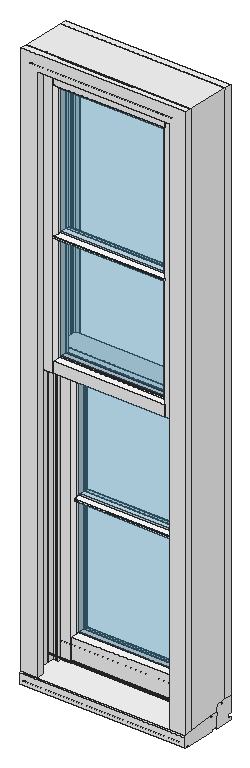
Revit family "S1-22H", category Generic Models, Revit 2012
Parameters (values of type "Window Sill drawing")
  Width = 511 mm
  Height = 1770 mm
  GlazingPanelMaterial = Glass
  Floor Material = White
Reference planes
  plane 1 "Center (Front/Back)": y = 0
  plane 2: z = 0
  plane 3 "Center (Left/Right)": x = 0
  plane 4: z = 33
  plane 5: x = -714
  plane 6: x = -750
  plane 7: x = -718
  plane 8: x = -239
  plane 9: y = 67
  plane 10: y = -67
  plane 11: x = -271
  plane 12: z = 1770
  plane 13: z = 1738
  plane 14: z = 578
  plane 15: y = -35.88
  plane 16: x = -705.5
  plane 17: x = -275
  plane 18: y = 35.12
  plane 19: x = -705.5
  plane 20: z = 622
  plane 21: z = 117
  plane 22: y = 72.25
  plane 23: x = -494.5
  plane 24: y = -35.88
  plane 25: x = -283.5
  plane 26: y = 35.12
  plane 27: x = -283.5
  plane 28: z = 900.5
  plane 29: z = 910.5
  plane 30: y = 46.992
  plane 31: y = 46.992
  plane 32: y = 46.992
  plane 33: z = 501.251
  plane 34: z = 1734
  plane 35: z = 1254.52
Forms (mm)
  Extrusion 1, solid, not visible
    sketch origin (0, 0, 9.375) x (0, 1, 0) y (0, 0, 1)
      loop
        line (94.662, 311.911) -> (94.314, 312.868) -> (95.314, 312.868) -> (93.454, 317.977) -> (86.115, 317.977) -> (85.011, 317.575) -> (64.143, 317.575) -> (64.143, 311.911) -> (94.662, 311.911)
    from 0 to 250
  Extrusion 2, solid, not visible
    sketch origin (0, 0, 9.375) x (0, 1, 0) y (0, 0, 1)
      loop
        line (93.688, 317.334) -> (85.92, 317.334) -> (87.101, 312.926) -> (95.293, 312.926) -> (93.688, 317.334)
      loop
        line (91.853, 322.376) -> (91.853, 328.194)
        arc (91.853, 328.194) -> (91.424, 329.231) -> (90.388, 329.66) r 1.465
        line (90.388, 329.66) -> (71.853, 329.66) -> (71.853, 322.376) -> (91.853, 322.376)
      loop
        line (73.373, 320.598) -> (64.143, 320.598) -> (64.143, 317.575) -> (73.373, 317.575) -> (73.373, 320.598)
      loop
        line (61.169, 311.884) -> (61.169, 316.884) -> (56.169, 316.884)
        arc (56.169, 316.884) -> (53.926, 317.813) -> (52.996, 320.057) r 3.173
        line (52.996, 320.057) -> (52.996, 327.594)
        arc (52.996, 327.594) -> (53.247, 329.284) -> (54.656, 330.25) r 2.138
        line (54.656, 330.25) -> (56.493, 330.25)
        arc (56.493, 330.25) -> (57.939, 329.727) -> (58.925, 328.548) r 2.95
        line (58.925, 328.548) -> (59.306, 324.922) -> (61.24, 324.922) -> (60.612, 330.901)
        arc (60.612, 330.901) -> (59.723, 332.646) -> (57.894, 333.348) r 2.733
        line (57.894, 333.348) -> (52.423, 333.348)
        arc (52.423, 333.348) -> (50.164, 330.795) -> (49.999, 327.391) r 5.139
        line (49.999, 327.391) -> (47.957, 316.884)
        arc (47.957, 316.884) -> (49.179, 314.507) -> (49.698, 311.884) r 9.583
        line (49.698, 311.884) -> (61.169, 311.884)
    from 0 to 250
  Extrusion 3, solid, not visible
    sketch origin (-848.022, -244.537, 0) x (1, 0, 0) y (0, 1, 0)
      loop
        line (-156.504, 643.402) -> (-146.504, 653.402) -> (-146.504, 655.402) -> (-162.504, 655.402) -> (-162.504, 703.402) -> (-199.504, 703.402)
        arc (-199.504, 703.402) -> (-201.625, 702.524) -> (-202.504, 700.402) r 3
        line (-202.504, 700.402) -> (-202.504, 695.402) -> (-196.504, 695.402) -> (-196.504, 692.402) -> (-202.504, 692.402) -> (-202.504, 679.402) -> (-196.504, 679.402) -> (-196.504, 667.402) -> (-202.504, 667.402) -> (-202.504, 646.402)
        arc (-202.504, 646.402) -> (-201.625, 644.281) -> (-199.504, 643.402) r 3
        line (-199.504, 643.402) -> (-156.504, 643.402)
    from 672 to 1294
  Extrusion 4, solid, not visible
    sketch origin (-848.022, -244.537, 0) x (1, 0, 0) y (0, 1, 0)
      loop
        line (-162.504, 700.402) -> (-162.504, 681.402) -> (-150.504, 681.402) -> (-150.504, 684.402) -> (-146.504, 685.402) -> (-146.504, 689.402) -> (-149.504, 689.402)
        arc (-149.504, 689.402) -> (-151.847, 695.059) -> (-157.504, 697.402) r 8
        line (-157.504, 697.402) -> (-157.504, 700.402) -> (-162.504, 700.402)
    from 672 to 1294
  Extrusion 5, solid, not visible
    sketch origin (-511.418, -643.152, -230) x (1, 0, 0) y (0, 1, 0)
      loop
        line (-200.504, 641.902) -> (-200.504, 638.902) -> (-198.254, 638.902) -> (-198.254, 634.902) -> (-195.818, 634.902) -> (-195.818, 638.902) -> (-193.504, 638.902) -> (-193.504, 641.902) -> (-195.282, 641.902) -> (-195.282, 641.116) -> (-194.482, 641.116) -> (-194.482, 639.814) -> (-199.81, 639.814) -> (-199.81, 641.116) -> (-199.01, 641.116) -> (-199.01, 641.902) -> (-200.504, 641.902)
    from 230 to 852
  Extrusion 6, solid, not visible
    sketch origin (-511.418, -643.152, -140) x (1, 0, 0) y (0, 1, 0)
      loop
        line (-194.482, 639.814) -> (-194.482, 641.116) -> (-199.81, 641.116) -> (-199.81, 639.814) -> (-194.482, 639.814)
    from 140 to 762
  Extrusion 7, solid, not visible
    sketch origin (-511.418, -643.152, 0) x (1, 0, 0) y (0, 1, 0)
      loop
        spline (-199.847, 645.779) -> (-199.478, 645.505) -> (-199.241, 645.183) -> (-199.108, 644.823) -> (-199.048, 644.431) -> (-199.033, 644.016) -> (-199.035, 643.585) -> (-199.023, 643.147) -> (-198.97, 642.709) -> (-198.847, 642.279) -> (-198.624, 641.865) -> (-198.272, 641.475) -> (-197.764, 641.116)
        line (-197.764, 641.116) -> (-196.529, 641.116)
        spline (-196.529, 641.116) -> (-195.991, 641.457) -> (-195.612, 641.839) -> (-195.363, 642.251) -> (-195.215, 642.684) -> (-195.139, 643.129) -> (-195.106, 643.577) -> (-195.086, 644.017) -> (-195.05, 644.441) -> (-194.969, 644.838) -> (-194.814, 645.2) -> (-194.556, 645.517) -> (-194.166, 645.779)
        line (-194.166, 645.779) -> (-199.847, 645.779)
    from 0 to 622
  Sweep 8, solid, material "White" <- "Floor Material"
    path origin (0, 0, 0) x (1, 0, 0) y (0, 0, 1)
      loop
        line (-725, 33) -> (-725, 1745) -> (-264, 1745) -> (-264, 33)
    profile origin (-494.5, 0, 1745) x (0, 0, 1) y (0, -1, 0)
      loop
        line (0, -4) -> (0, 4) -> (-17.634, 4) -> (-17.634, 2.635) -> (-15.193, 2.635) -> (-15.193, 1.135) -> (-22.193, 1.135) -> (-22.193, 2.635) -> (-19.789, 2.635) -> (-19.789, 4) -> (-21, 4)
        arc (-21, 4) -> (-25, 0) -> (-21, -4) r 4
        line (-21, -4) -> (0, -4)
  Sweep 9, solid, material "White" <- "Floor Material"
    path origin (0, 87, 0) x (1, 0, 0) y (0, 0, 1)
      loop
        line (-239, 68.003) -> (-239, 1770) -> (-750, 1770) -> (-750, 68.003)
    profile origin (-494.5, 87, 1770) x (0, 0, -1) y (0, -1, 0)
      loop
        line (0, 20) -> (0, 0) -> (32, 0) -> (32, 20) -> (23, 20) -> (23, 15) -> (15, 15) -> (15, 20) -> (0, 20)
  Sweep 10, solid, material "White" <- "Floor Material"
    path origin (0, -87, 0) x (1, 0, 0) y (0, 0, -1)
      loop
        line (-239, -33) -> (-239, -1770) -> (-750, -1770) -> (-750, -33)
    profile origin (-494.5, -87, 1770) x (0, 0, 1) y (0, 1, 0)
      loop
        line (0, 0) -> (0, 20) -> (-15, 20) -> (-15, 15) -> (-23, 15) -> (-23, 20) -> (-38, 20) -> (-38, 17) -> (-40.25, 17) -> (-40.25, 13) -> (-42.75, 13) -> (-42.75, 17) -> (-45, 17) -> (-45, 20) -> (-50, 20) -> (-50, 0) -> (0, 0)
  Sweep 11, solid, material "White" <- "Floor Material"
    path origin (0, 67, 0) x (-1, 0, 0) y (0, 0, -1)
      loop
        line (718, -1738) -> (718, -68) -> (271, -68) -> (271, -1738) -> (718, -1738)
    profile origin (-494.5, 67, 1738) x (0, 0, 1) y (0, -1, 0)
      loop
        line (0, -14) -> (0, 0) -> (-6.422, 0) -> (-6.422, -1.526) -> (-4.982, -1.526) -> (-4.982, -3.026) -> (-9.982, -3.026) -> (-9.982, -1.526) -> (-8.578, -1.526) -> (-8.578, 0) -> (-15, 0) -> (-15, -14)
        arc (-15, -14) -> (-9, -20) -> (-3, -14) r 6
        line (-3, -14) -> (0, -14)
  Extrusion 12, solid, material "White" <- "Floor Material"
    sketch origin (2366.619, -1603.085, 0) x (1, 0, 0) y (0, 1, 0)
      loop
        arc (-3077.619, 1597.085) -> (-3079.741, 1596.207) -> (-3080.619, 1594.085) r 3
        line (-3080.619, 1594.085) -> (-3080.619, 1589.085) -> (-3074.619, 1589.085) -> (-3074.619, 1586.085) -> (-3080.619, 1586.085) -> (-3080.619, 1577.085) -> (-3071.619, 1577.085)
        arc (-3071.619, 1577.085) -> (-3061.619, 1567.085) -> (-3071.619, 1557.085) r 10
        line (-3071.619, 1557.085) -> (-3080.619, 1557.085) -> (-3080.619, 1540.085)
        arc (-3080.619, 1540.085) -> (-3079.741, 1537.964) -> (-3077.619, 1537.085) r 3
        line (-3077.619, 1537.085) -> (-3034.619, 1537.085) -> (-3024.619, 1547.085) -> (-3024.619, 1549.085) -> (-3040.619, 1549.085) -> (-3040.619, 1597.085) -> (-3077.619, 1597.085)
    from 883.5 to 1738
  Extrusion 13, solid
    sketch origin (2366.119, -1602.966, 0) x (1, 0, 0) y (0, 1, 0)
      loop
        circle (-3071.619, 1567.085) r 5
      loop
        circle (-3071.619, 1567.085) r 8.5
    from 932.713 to 1224
  Extrusion 14, solid, material "White" <- "Floor Material"
    sketch origin (0, -3460.083, 302.372) x (0, 1, 0) y (0, 0, 1)
      loop
        line (3432.083, 609.128) -> (3406.083, 609.128) -> (3406.083, 625.128) -> (3404.083, 625.128) -> (3394.083, 615.128) -> (3394.083, 581.128) -> (3418.083, 581.128) -> (3418.083, 586.128) -> (3430.083, 586.128) -> (3430.083, 581.128) -> (3461.083, 581.128) -> (3461.083, 586.128) -> (3459.083, 596.128) -> (3454.083, 596.128) -> (3454.083, 606.128) -> (3448.083, 606.128) -> (3448.083, 609.128) -> (3454.083, 609.128) -> (3454.083, 625.128) -> (3436.083, 625.128) -> (3435.083, 621.128) -> (3432.083, 621.128) -> (3432.083, 609.128)
    from -668 to -321
  Sweep 15, solid, material "White" <- "Floor Material"
    path origin (0.117, -27.5, -0.107) x (1, 0, 0) y (0, 0, 1)
      loop
        line (-674, 910.607) -> (-674, 1695.791) -> (-315.217, 1695.791) -> (-315.217, 910.607)
    profile origin (-494.491, -27.5, 1695.684) x (0, 0, 1) y (0, -1, 0)
      loop
        line (-4.893, -19) -> (0.107, -19) -> (0.107, 0) -> (-11.893, 0) -> (-11.893, -3) -> (-15.893, -4) -> (-15.893, -8) -> (-12.893, -8)
        arc (-12.893, -8) -> (-10.55, -13.657) -> (-4.893, -16) r 8
        line (-4.893, -16) -> (-4.893, -19)
  Extrusion 16, solid, material "White" <- "Floor Material"
    sketch origin (0, -3459.584, -3.128) x (0, 1, 0) y (0, 0, 1)
      loop
        line (3466.25, 47.895) -> (3371.218, 36.226)
        arc (3371.218, 36.226) -> (3369.337, 35.236) -> (3368.583, 33.248) r 3
        line (3368.583, 33.248) -> (3368.583, 3.128) -> (3373.583, 3.128) -> (3373.583, 5.128)
        arc (3373.583, 5.128) -> (3376.583, 8.128) -> (3379.583, 5.128) r 3
        line (3379.583, 5.128) -> (3379.583, 3.128) -> (3472.583, 3.128) -> (3472.583, 8.128) -> (3492.583, 8.128) -> (3492.583, 36.128) -> (3497.583, 36.128) -> (3497.583, 51.128) -> (3492.583, 51.128) -> (3469.505, 48.362) -> (3472.539, 46.034)
        arc (3472.539, 46.034) -> (3472.97, 44.417) -> (3471.331, 44.081) r 1.15
        line (3471.331, 44.081) -> (3466.25, 47.895)
    from -750 to -239
  Extrusion 17, solid, material "White" <- "Floor Material"
    sketch origin (0, -3459.584, -3.128) x (0, 1, 0) y (0, 0, 1)
      loop
        line (3526.583, 71.128) -> (3509.696, 69.054)
        arc (3509.696, 69.054) -> (3509.999, 68.671) -> (3510.398, 68.387) r 1.737
        line (3510.398, 68.387) -> (3513.646, 65.849)
        arc (3513.646, 65.849) -> (3513.653, 64.316) -> (3512.131, 64.138) r 1.15
        line (3512.131, 64.138) -> (3506.202, 68.606) -> (3492.583, 66.933) -> (3492.583, 62.041)
        arc (3492.583, 62.041) -> (3495.583, 59.041) -> (3492.583, 56.041) r 3
        line (3492.583, 56.041) -> (3492.583, 51.128) -> (3497.583, 51.128) -> (3497.583, 36.128) -> (3492.583, 36.128) -> (3492.583, 3.128) -> (3546.583, 3.128) -> (3546.583, 13.128) -> (3536.583, 13.128) -> (3536.583, 23.128) -> (3546.583, 23.128) -> (3546.583, 71.128) -> (3526.583, 71.128)
    from -750 to -239
  Extrusion 18, solid, material "White" <- "Floor Material"
    sketch origin (0, -3460.084, -3.125) x (0, 1, 0) y (0, 0, 1)
      loop
        line (3525.083, 116.128) -> (3477.083, 116.128) -> (3477.083, 132.128) -> (3475.083, 132.128) -> (3465.083, 122.128) -> (3465.083, 55.519)
        arc (3465.083, 55.519) -> (3466.096, 53.272) -> (3468.449, 52.541) r 3
        line (3468.449, 52.541) -> (3473.083, 53.11) -> (3473.083, 59.11) -> (3476.083, 59.11) -> (3476.083, 53.478) -> (3487.083, 54.829) -> (3487.083, 76.794) -> (3503.083, 76.794) -> (3503.083, 71.794) -> (3514.083, 73.144) -> (3514.083, 79.144) -> (3517.083, 79.144) -> (3517.083, 73.513) -> (3522.449, 74.171)
        arc (3522.449, 74.171) -> (3524.33, 75.161) -> (3525.083, 77.149) r 3
        line (3525.083, 77.149) -> (3525.083, 116.128)
    from -668 to -321
  Extrusion 19, solid, material "Glass"
    sketch origin (2366.619, -1602.584, 0) x (1, 0, 0) y (0, 1, 0)
      loop
        line (-3036.619, 1575.085) -> (-3036.619, 1571.085) -> (-2685.619, 1571.085) -> (-2685.619, 1575.085) -> (-3036.619, 1575.085)
      loop
        line (-3036.619, 1555.085) -> (-3036.619, 1551.085) -> (-2685.619, 1551.085) -> (-2685.619, 1555.085) -> (-3036.619, 1555.085)
    from 927.5 to 1698.5
  Sweep 20, solid
    path origin (0, -39.498, 0) x (1, 0, 0) y (0, 0, 1)
      loop
        line (-670, 1724.433) -> (-670, 917.5) -> (-319, 917.5) -> (-319, 1724.433) -> (-670, 1724.433)
    profile origin (-494.5, -39.498, 1724.433) x (0, 0, 1) y (0, -1, 0)
      loop
        line (0, -8) -> (0, 8) -> (-10, 8) -> (-10, -8) -> (0, -8)
  Extrusion 21, solid, material "White" <- "Floor Material"
    sketch origin (2366.619, -1532.085, -542) x (1, 0, 0) y (0, 1, 0)
      loop
        arc (-3077.619, 1597.085) -> (-3079.741, 1596.207) -> (-3080.619, 1594.085) r 3
        line (-3080.619, 1594.085) -> (-3080.619, 1577.085) -> (-3071.619, 1577.085)
        arc (-3071.619, 1577.085) -> (-3061.619, 1567.085) -> (-3071.619, 1557.085) r 10
        line (-3071.619, 1557.085) -> (-3080.619, 1557.085) -> (-3080.619, 1548.085) -> (-3074.619, 1548.085) -> (-3074.619, 1545.085) -> (-3080.619, 1545.085) -> (-3080.619, 1540.085)
        arc (-3080.619, 1540.085) -> (-3079.741, 1537.964) -> (-3077.619, 1537.085) r 3
        line (-3077.619, 1537.085) -> (-3034.619, 1537.085) -> (-3024.619, 1547.085) -> (-3024.619, 1549.085) -> (-3040.619, 1549.085) -> (-3040.619, 1597.085) -> (-3077.619, 1597.085)
    from 585.128 to 1441.5
  Extrusion 22, solid
    sketch origin (2366.119, -1531.966, -542) x (1, 0, 0) y (0, 1, 0)
      loop
        circle (-3071.619, 1567.085) r 5
      loop
        circle (-3071.619, 1567.085) r 8.5
    from 655 to 1442.607
  Extrusion 23, solid, material "White" <- "Floor Material"
    sketch origin (0, -3389.081, -239.628) x (0, 1, 0) y (0, 0, 1)
      loop
        line (3454.081, 1139.128) -> (3454.081, 1167.128) -> (3387.081, 1167.128) -> (3387.081, 1162.128) -> (3389.081, 1152.128) -> (3394.081, 1152.128) -> (3394.081, 1142.585) -> (3400.302, 1142.585) -> (3400.302, 1139.128) -> (3394.081, 1139.128) -> (3394.081, 1123.128) -> (3406.081, 1123.128) -> (3406.081, 1139.128) -> (3454.081, 1139.128)
    from -703 to -286.193
  Sweep 24, solid, material "White" <- "Floor Material"
    path origin (0.117, 43.5, -542.107) x (1, 0, 0) y (0, 0, 1)
      loop
        line (-674, 1442.607) -> (-674, 655.107) -> (-315.217, 655.107) -> (-315.217, 1442.607) -> (-674, 1442.607)
    profile origin (-494.491, 43.5, 900.5) x (0, 0, 1) y (0, -1, 0)
      loop
        line (-4.893, -19) -> (0.107, -19) -> (0.107, 0) -> (-11.893, 0) -> (-11.893, -3) -> (-15.893, -4) -> (-15.893, -8) -> (-12.893, -8)
        arc (-12.893, -8) -> (-10.55, -13.657) -> (-4.893, -16) r 8
        line (-4.893, -16) -> (-4.893, -19)
  Extrusion 25, solid, material "Glass"
    sketch origin (2366.619, -1531.584, -541.101) x (1, 0, 0) y (0, 1, 0)
      loop
        line (-3036.619, 1575.085) -> (-3036.619, 1571.085) -> (-2685.619, 1571.085) -> (-2685.619, 1575.085) -> (-3036.619, 1575.085)
      loop
        line (-3036.619, 1555.085) -> (-3036.619, 1551.085) -> (-2685.619, 1551.085) -> (-2685.619, 1555.085) -> (-3036.619, 1555.085)
    from 658.101 to 1440.601
  Sweep 26, solid
    path origin (0, 31.502, -542) x (1, 0, 0) y (0, 0, 1)
      loop
        line (-670, 1438.538) -> (-670, 659.003) -> (-319, 659.003) -> (-319, 1438.538) -> (-670, 1438.538)
    profile origin (-494.5, 31.502, 896.538) x (0, 0, 1) y (0, -1, 0)
      loop
        line (0, -8) -> (0, 8) -> (-10, 8) -> (-10, -8) -> (0, -8)
  Extrusion 27, solid, material "White" <- "Floor Material"
    sketch origin (0, -3459.584, -3.128) x (0, 1, 0) y (0, 0, 1)
      loop
        line (3466.25, 47.895) -> (3371.218, 36.226)
        arc (3371.218, 36.226) -> (3369.337, 35.236) -> (3368.583, 33.248) r 3
        line (3368.583, 33.248) -> (3368.583, 3.128) -> (3373.583, 3.128) -> (3373.583, 5.128)
        arc (3373.583, 5.128) -> (3376.583, 8.128) -> (3379.583, 5.128) r 3
        line (3379.583, 5.128) -> (3379.583, 3.128) -> (3472.583, 3.128) -> (3472.583, 8.128) -> (3492.583, 8.128) -> (3492.583, 36.128) -> (3497.583, 36.128) -> (3497.583, 51.128) -> (3492.583, 51.128) -> (3469.505, 48.362) -> (3472.539, 46.034)
        arc (3472.539, 46.034) -> (3472.97, 44.417) -> (3471.331, 44.081) r 1.15
        line (3471.331, 44.081) -> (3466.25, 47.895)
    from -750 to -239
  Extrusion 28, solid, material "White" <- "Floor Material"
    sketch origin (0, -3459.584, -3.128) x (0, 1, 0) y (0, 0, 1)
      loop
        line (3526.583, 71.128) -> (3509.696, 69.054)
        arc (3509.696, 69.054) -> (3509.999, 68.671) -> (3510.398, 68.387) r 1.737
        line (3510.398, 68.387) -> (3513.646, 65.849)
        arc (3513.646, 65.849) -> (3513.653, 64.316) -> (3512.131, 64.138) r 1.15
        line (3512.131, 64.138) -> (3506.202, 68.606) -> (3492.583, 66.933) -> (3492.583, 62.041)
        arc (3492.583, 62.041) -> (3495.583, 59.041) -> (3492.583, 56.041) r 3
        line (3492.583, 56.041) -> (3492.583, 51.128) -> (3497.583, 51.128) -> (3497.583, 36.128) -> (3492.583, 36.128) -> (3492.583, 3.128) -> (3546.583, 3.128) -> (3546.583, 13.128) -> (3536.583, 13.128) -> (3536.583, 23.128) -> (3546.583, 23.128) -> (3546.583, 71.128) -> (3526.583, 71.128)
    from -750 to -239
  Extrusion 29, solid, material "White" <- "Floor Material"
    sketch origin (-3355.619, -1603.085, 0) x (-1, 0, 0) y (0, -1, 0)
      loop
        line (-3077.619, -1597.085) -> (-3040.619, -1597.085) -> (-3040.619, -1549.085) -> (-3024.619, -1549.085) -> (-3024.619, -1547.085) -> (-3034.619, -1537.085) -> (-3077.619, -1537.085)
        arc (-3077.619, -1537.085) -> (-3079.741, -1537.964) -> (-3080.619, -1540.085) r 3
        line (-3080.619, -1540.085) -> (-3080.619, -1557.085) -> (-3071.619, -1557.085)
        arc (-3071.619, -1557.085) -> (-3061.619, -1567.085) -> (-3071.619, -1577.085) r 10
        line (-3071.619, -1577.085) -> (-3080.619, -1577.085) -> (-3080.619, -1586.085) -> (-3074.619, -1586.085) -> (-3074.619, -1589.085) -> (-3080.619, -1589.085) -> (-3080.619, -1594.085)
        arc (-3080.619, -1594.085) -> (-3079.741, -1596.207) -> (-3077.619, -1597.085) r 3
    from 883.5 to 1738
  Extrusion 30, solid
    sketch origin (-3355.119, -1602.966, 0) x (-1, 0, 0) y (0, -1, 0)
      loop
        circle (-3071.619, -1567.085) r 5
      loop
        circle (-3071.619, -1567.085) r 8.5
    from 932.713 to 898.5
  Extrusion 31, solid, material "White" <- "Floor Material"
    sketch origin (-3355.619, -1532.085, -542) x (-1, 0, 0) y (0, -1, 0)
      loop
        line (-3077.619, -1597.085) -> (-3040.619, -1597.085) -> (-3040.619, -1549.085) -> (-3024.619, -1549.085) -> (-3024.619, -1547.085) -> (-3034.619, -1537.085) -> (-3077.619, -1537.085)
        arc (-3077.619, -1537.085) -> (-3079.741, -1537.964) -> (-3080.619, -1540.085) r 3
        line (-3080.619, -1540.085) -> (-3080.619, -1545.085) -> (-3074.619, -1545.085) -> (-3074.619, -1548.085) -> (-3080.619, -1548.085) -> (-3080.619, -1557.085) -> (-3071.619, -1557.085)
        arc (-3071.619, -1557.085) -> (-3061.619, -1567.085) -> (-3071.619, -1577.085) r 10
        line (-3071.619, -1577.085) -> (-3080.619, -1577.085) -> (-3080.619, -1594.085)
        arc (-3080.619, -1594.085) -> (-3079.741, -1596.207) -> (-3077.619, -1597.085) r 3
    from 585.128 to 1441.5
  Extrusion 32, solid
    sketch origin (-3355.119, -1531.966, -542) x (-1, 0, 0) y (0, -1, 0)
      loop
        circle (-3071.619, -1567.085) r 5
      loop
        circle (-3071.619, -1567.085) r 8.5
    from 655 to 1442.607
  Sweep 33, solid, material "White" <- "Floor Material"
    path origin (0, 0, 0) x (1, 0, 0) y (0, 0, 1)
      loop
        line (-750, 33.101) -> (-750, 1770) -> (-239, 1770) -> (-239, 33.101)
    profile origin (-494.5, 0, 1770) x (0, 0, 1) y (0, -1, 0)
      loop
        line (0, -67) -> (0, 67) -> (-15, 67) -> (-15, 72) -> (-23, 72) -> (-23, 67) -> (-32, 67) -> (-32, 22.499) -> (-29.264, 19.763)
        arc (-29.264, 19.763) -> (-29.264, 18.426) -> (-30.602, 18.426) r 0.945
        line (-30.602, 18.426) -> (-32, 19.825) -> (-32, 4) -> (-25, 4) -> (-25, -4) -> (-32, -4) -> (-32, -67) -> (-23, -67) -> (-23, -72) -> (-15, -72) -> (-15, -67) -> (0, -67)
  Sweep 34, void
    path origin (0, 0, 0) x (1, 0, 0) y (0, 1, 0)
      loop
        line (-780, 0) -> (-150, 0)
    profile origin (-465, 0, 0) x (0, 1, 0) y (0, 0, 1)
      loop
        line (6.58, 44.859) -> (-88.453, 33.191)
        arc (-88.453, 33.191) -> (-90.334, 32.201) -> (-91.087, 30.213) r 3
        line (-91.087, 30.213) -> (-103.128, 30.213) -> (-103.128, -6.095) -> (101.872, -6.095) -> (101.872, 68.092) -> (66.913, 68.092) -> (50.026, 66.019)
        arc (50.026, 66.019) -> (50.329, 65.635) -> (50.727, 65.352) r 1.737
        line (50.727, 65.352) -> (53.976, 62.813)
        arc (53.976, 62.813) -> (53.983, 61.281) -> (52.461, 61.102) r 1.15
        line (52.461, 61.102) -> (46.532, 65.57) -> (32.913, 63.898) -> (32.913, 59.005)
        arc (32.913, 59.005) -> (35.913, 56.005) -> (32.913, 53.005) r 3
        line (32.913, 53.005) -> (32.913, 48.092) -> (9.835, 45.327) -> (13.069, 42.835)
        arc (13.069, 42.835) -> (13.381, 41.281) -> (11.844, 40.892) r 1.15
        line (11.844, 40.892) -> (6.58, 44.859)
  Extrusion 35, solid, material "White" <- "Floor Material"
    sketch origin (-152.084, -46.104, 500.077) x (0, 0, 1) y (0, 1, 0)
      loop
        line (-8.825, 91.096) -> (11.175, 91.096) -> (11.175, 99.096) -> (9.175, 99.096) -> (9.175, 101.596) -> (3.675, 109.096) -> (3.675, 111.096) -> (-1.325, 111.096) -> (-1.325, 109.096) -> (-6.825, 101.596) -> (-6.825, 99.096) -> (-8.825, 99.096) -> (-8.825, 91.096)
      loop
        line (11.175, 62.296) -> (11.175, 65.096) -> (-8.825, 65.096) -> (-8.825, 62.296) -> (-1.325, 54.142) -> (-1.325, 52.142) -> (3.675, 52.142) -> (3.675, 54.142) -> (11.175, 62.296)
    from 178.909 to 505.916
  Extrusion 36, solid, material "White" <- "Floor Material"
    sketch origin (-152.084, 7.992, 899.345) x (0, 0, 1) y (0, 1, 0)
      loop
        line (-408.094, 34) -> (-408.094, 18) -> (-388.094, 18) -> (-388.094, 34) -> (-408.094, 34)
    from 136.916 to 589.023
  Extrusion 37, solid, material "White" <- "Floor Material"
    sketch origin (-2614.526, -119.588, 1263.345) x (0, 0, 1) y (0, -1, 0)
      loop
        line (-8.825, -93.096) -> (-8.825, -99.096) -> (-6.825, -99.096) -> (-6.825, -101.596) -> (-1.325, -109.096) -> (-1.325, -111.096) -> (3.675, -111.096) -> (3.675, -109.096) -> (9.175, -101.596) -> (9.175, -99.096) -> (11.175, -99.096) -> (11.175, -93.096) -> (-8.825, -93.096)
      loop
        line (-8.825, -61.911) -> (-8.825, -64.711) -> (11.175, -64.711) -> (3.624, -53.757) -> (3.624, -51.757) -> (-1.376, -51.757) -> (-1.376, -53.757) -> (-8.825, -61.911)
    from 1946.526 to 2293.526
  Extrusion 38, solid, material "White" <- "Floor Material"
    sketch origin (-2614.526, -65.742, 1662.614) x (0, 0, 1) y (0, -1, 0)
      loop
        line (-408.094, -34) -> (-388.094, -34) -> (-388.094, -18) -> (-408.094, -18) -> (-408.094, -34)
    from 1946.526 to 2293.526
  Extrusion 39, solid, material "White" <- "Floor Material"
    sketch origin (-2428, -1603.085, -1347.119) x (0, 0, -1) y (0, 1, 0)
      loop
        arc (-3077.619, 1597.085) -> (-3079.741, 1596.207) -> (-3080.619, 1594.085) r 3
        line (-3080.619, 1594.085) -> (-3080.619, 1589.085) -> (-3074.619, 1589.085) -> (-3074.619, 1586.085) -> (-3080.619, 1586.085) -> (-3080.619, 1577.085) -> (-3071.619, 1577.085)
        arc (-3071.619, 1577.085) -> (-3061.619, 1567.085) -> (-3071.619, 1557.085) r 10
        line (-3071.619, 1557.085) -> (-3080.619, 1557.085) -> (-3080.619, 1540.085)
        arc (-3080.619, 1540.085) -> (-3079.741, 1537.964) -> (-3077.619, 1537.085) r 3
        line (-3077.619, 1537.085) -> (-3034.619, 1537.085) -> (-3024.619, 1547.085) -> (-3024.619, 1549.085) -> (-3040.619, 1549.085) -> (-3040.619, 1597.085) -> (-3077.619, 1597.085)
    from 1760 to 2107
  Extrusion 40, solid
    sketch origin (0, 0, 746.033) x (0, 1, 0) y (0, 0, 1)
      loop
        line (-74, 982.5) -> (-72.319, 981.278) -> (-72.319, 982.145) -> (-71.424, 981.25) -> (-71.424, 982.145) -> (-70.574, 981.25) -> (-70.813, 982.145) -> (-70, 982.145) -> (-70, 979) -> (-67, 979) -> (-67, 981.25) -> (-67.972, 981.25) -> (-67.972, 980) -> (-69.5, 980) -> (-69.5, 985) -> (-67.972, 985) -> (-67.972, 983.75) -> (-67, 983.75) -> (-67, 986) -> (-70, 986) -> (-70, 982.855) -> (-70.813, 982.855) -> (-70.574, 983.75) -> (-71.424, 982.855) -> (-71.424, 983.75) -> (-72.319, 982.855) -> (-72.319, 983.722) -> (-74, 982.5)
    from -254 to -735
  Extrusion 41, solid
    sketch origin (0, 0, 746.033) x (0, 1, 0) y (0, 0, 1)
      loop
        line (-67.972, 980) -> (-67.972, 981.974) -> (-66.727, 981.255) -> (-61.956, 980.921) -> (-61.034, 980) -> (-61.034, 985) -> (-61.956, 984.079) -> (-66.727, 983.745) -> (-67.972, 983.026) -> (-67.972, 985) -> (-69.5, 985) -> (-69.5, 980) -> (-67.972, 980)
    from -254 to -735
  Extrusion 42, solid, material "Sill"
    sketch origin (0, -414.374, -504.203) x (0, 1, 0) y (0, 0, 1)
      loop
        line (399.221, 2233.777) -> (400.073, 2233.777) -> (401.113, 2234.377) -> (401.113, 2235.331) -> (400.073, 2234.731) -> (400.073, 2238.748) -> (394.12, 2238.748) -> (393.337, 2238.494) -> (394.134, 2238.204) -> (399.221, 2238.204) -> (399.221, 2233.777)
    from -735 to -254
  Extrusion 43, solid
    sketch origin (0, -4.939, 747.52) x (0, 1, 0) y (0, 0, 1)
      loop
        arc (-19.175, 986.98) -> (-18.882, 986.273) -> (-18.175, 985.98) r 1
        line (-18.175, 985.98) -> (-11.098, 985.98)
        arc (-11.098, 985.98) -> (-10.406, 985.393) -> (-9.92, 984.627) r 3.012
        line (-9.92, 984.627) -> (-9.92, 983.485) -> (-12.998, 983.485) -> (-12.998, 982.53) -> (-9.42, 982.28) -> (-9.42, 984.649) -> (-9.063, 985.499) -> (-9.063, 986.715)
        arc (-9.063, 986.715) -> (-9.356, 987.422) -> (-10.063, 987.715) r 1
        line (-10.063, 987.715) -> (-15.237, 987.715)
        arc (-15.237, 987.715) -> (-16.161, 988.332) -> (-15.944, 989.422) r 1
        line (-15.944, 989.422) -> (-13.487, 991.879)
        arc (-13.487, 991.879) -> (-13.487, 993.216) -> (-14.824, 993.216) r 0.945
        line (-14.824, 993.216) -> (-19.175, 988.865) -> (-19.175, 986.98)
      loop
        arc (-13.841, 992.232) -> (-13.841, 992.862) -> (-14.471, 992.862) r 0.445
        line (-14.471, 992.862) -> (-18.675, 988.658) -> (-18.675, 986.98)
        arc (-18.675, 986.98) -> (-18.529, 986.627) -> (-18.175, 986.48) r 0.5
        line (-18.175, 986.48) -> (-10.962, 986.48)
        arc (-10.962, 986.48) -> (-10.157, 985.861) -> (-9.563, 985.037) r 3.512
        line (-9.563, 985.037) -> (-9.563, 986.715)
        arc (-9.563, 986.715) -> (-9.709, 987.068) -> (-10.063, 987.215) r 0.5
        line (-10.063, 987.215) -> (-15.237, 987.215)
        arc (-15.237, 987.215) -> (-16.623, 988.141) -> (-16.298, 989.775) r 1.5
        line (-16.298, 989.775) -> (-13.841, 992.232)
    from -735 to -254
  Extrusion 44, solid
    sketch origin (0, -70.635, 743.63) x (0, -1, 0) y (0, 0, -1)
      loop
        line (-68, -979.177) -> (-69.5, -979.177) -> (-69.5, -986.177) -> (-68, -986.177) -> (-68, -983.01) -> (-66.727, -983.745) -> (-61.956, -984.079) -> (-61.034, -985) -> (-61.034, -980.354) -> (-61.956, -981.275) -> (-66.727, -981.609) -> (-68, -982.343) -> (-68, -979.177)
    from -254 to -735
  Extrusion 45, solid
    sketch origin (0, 2.902, 748.13) x (0, -1, 0) y (0, 0, -1)
      loop
        line (-65.624, -979.887) -> (-67.124, -979.887) -> (-67.124, -984.887) -> (-65.624, -984.887) -> (-65.624, -982.713) -> (-64.351, -983.447) -> (-59.579, -983.781) -> (-58.658, -984.702) -> (-58.658, -980.072) -> (-59.579, -980.994) -> (-64.351, -981.327) -> (-65.624, -982.062) -> (-65.624, -979.887)
    from -254 to -735
  Extrusion 46, solid, material "Sill"
    sketch origin (0, 2244.508, 1300.854) x (0, 0, -1) y (0, 1, 0)
      loop
        line (398.83, -2233.777) -> (398.83, -2239.91) -> (394.818, -2240.411) -> (393.98, -2241.004) -> (394.938, -2241.371) -> (399.682, -2240.778) -> (399.682, -2234.506) -> (401.503, -2235.557) -> (401.503, -2234.603) -> (400.073, -2233.777) -> (398.83, -2233.777)
    from -735 to -254
  Extrusion 47, solid
    sketch origin (0, -61.091, 957.116) x (0, 0, -1) y (0, 1, 0)
      loop
        line (46.879, 64.971) -> (46.879, 62.157) -> (52.486, 57.931)
        arc (52.486, 57.931) -> (54.044, 58.035) -> (54.063, 59.596) r 1.15
        line (54.063, 59.596) -> (50.406, 62.453)
        arc (50.406, 62.453) -> (50.168, 63.172) -> (50.741, 63.666) r 0.681
        line (50.741, 63.666) -> (54.979, 64.196)
        arc (54.979, 64.196) -> (55.906, 64.686) -> (56.276, 65.666) r 1.481
        line (56.276, 65.666) -> (56.276, 71.596) -> (52.699, 71.346) -> (52.699, 70.391) -> (55.776, 70.391) -> (55.776, 67.112) -> (48.075, 66.167)
        arc (48.075, 66.167) -> (47.229, 65.817) -> (46.879, 64.971) r 1.196
      loop
        arc (48.084, 65.67) -> (47.588, 65.465) -> (47.383, 64.969) r 0.701
        line (47.383, 64.969) -> (47.383, 62.403) -> (52.795, 58.325)
        arc (52.795, 58.325) -> (53.665, 58.363) -> (53.716, 59.233) r 0.65
        line (53.716, 59.233) -> (50.098, 62.059)
        arc (50.098, 62.059) -> (49.686, 63.305) -> (50.679, 64.162) r 1.181
        line (50.679, 64.162) -> (54.917, 64.692)
        arc (54.917, 64.692) -> (55.531, 65.017) -> (55.776, 65.666) r 0.981
        line (55.776, 65.666) -> (55.776, 66.682) -> (48.084, 65.67)
    from -735 to -254
  Extrusion 48, solid, material "Sill"
    sketch origin (0, -2244.968, 510.594) x (0, 0, 1) y (0, -1, 0)
      loop
        line (398.83, -2233.777) -> (398.83, -2239.771) -> (393.875, -2240.39) -> (393.172, -2240.784) -> (393.95, -2240.992) -> (399.436, -2240.306) -> (399.436, -2234.364) -> (401.113, -2235.331) -> (401.113, -2234.377) -> (400.073, -2233.777) -> (398.83, -2233.777)
    from -735 to -254
  Extrusion 49, solid
    sketch origin (0, 60.631, 854.332) x (0, 0, 1) y (0, -1, 0)
      loop
        line (45.751, 66.361) -> (45.751, 61.738) -> (50.715, 58.245)
        arc (50.715, 58.245) -> (51.921, 58.359) -> (51.995, 59.568) r 0.932
        line (51.995, 59.568) -> (48.721, 62.126)
        arc (48.721, 62.126) -> (48.463, 63.19) -> (49.212, 63.988) r 1.15
        line (49.212, 63.988) -> (55.448, 64.767)
        arc (55.448, 64.767) -> (56.374, 65.257) -> (56.745, 66.237) r 1.481
        line (56.745, 66.237) -> (56.745, 71.629) -> (52.699, 71.346) -> (52.699, 70.391) -> (55.698, 70.391) -> (55.698, 66.361) -> (45.751, 66.361)
      loop
        arc (55.469, 65.264) -> (55.766, 65.621) -> (55.427, 65.939) r 0.339
        line (55.427, 65.939) -> (46.251, 65.939) -> (46.251, 61.997) -> (51.003, 58.654)
        arc (51.003, 58.654) -> (51.542, 58.688) -> (51.625, 59.222) r 0.432
        line (51.625, 59.222) -> (48.366, 61.761)
        arc (48.366, 61.761) -> (47.909, 63.2) -> (48.786, 64.428) r 1.688
        line (48.786, 64.428) -> (55.469, 65.264)
    from -735 to -254
  Extrusion 50, solid, material "Sill"
    sketch origin (0, -343.707, 2308.697) x (0, 1, 0) y (0, 0, 1)
      loop
        line (398.83, -2233.777) -> (398.83, -2239.91) -> (394.818, -2240.411) -> (393.98, -2241.004) -> (394.938, -2241.371) -> (399.682, -2240.778) -> (399.682, -2234.506) -> (401.113, -2235.331) -> (401.113, -2234.377) -> (400.073, -2233.777) -> (398.83, -2233.777)
    from -735 to -254
  Extrusion 51, solid
    sketch origin (0, 0.031, 3.098) x (0, 1, 0) y (0, 0, 1)
      loop
        line (46.879, 64.971) -> (46.879, 62.157) -> (52.486, 57.931)
        arc (52.486, 57.931) -> (54.044, 58.035) -> (54.063, 59.596) r 1.15
        line (54.063, 59.596) -> (50.406, 62.453)
        arc (50.406, 62.453) -> (50.168, 63.172) -> (50.741, 63.666) r 0.681
        line (50.741, 63.666) -> (54.979, 64.196)
        arc (54.979, 64.196) -> (55.906, 64.686) -> (56.276, 65.666) r 1.481
        line (56.276, 65.666) -> (56.276, 71.596) -> (52.699, 71.346) -> (52.699, 70.391) -> (55.776, 70.391) -> (55.776, 67.112) -> (48.075, 66.167)
        arc (48.075, 66.167) -> (47.229, 65.817) -> (46.879, 64.971) r 1.196
      loop
        arc (48.084, 65.67) -> (47.588, 65.465) -> (47.383, 64.969) r 0.701
        line (47.383, 64.969) -> (47.383, 62.403) -> (52.795, 58.325)
        arc (52.795, 58.325) -> (53.665, 58.363) -> (53.716, 59.233) r 0.65
        line (53.716, 59.233) -> (50.098, 62.059)
        arc (50.098, 62.059) -> (49.686, 63.305) -> (50.679, 64.162) r 1.181
        line (50.679, 64.162) -> (54.917, 64.692)
        arc (54.917, 64.692) -> (55.531, 65.017) -> (55.776, 65.666) r 0.981
        line (55.776, 65.666) -> (55.776, 66.682) -> (48.084, 65.67)
    from -735 to -254
  Extrusion 52, solid, material "Sill"
    sketch origin (0, -384.539, 2288.667) x (0, 1, 0) y (0, 0, 1)
      loop
        line (398.83, -2233.777) -> (398.83, -2239.91) -> (394.818, -2240.411) -> (393.98, -2241.004) -> (394.938, -2241.371) -> (399.682, -2240.778) -> (399.682, -2234.506) -> (401.113, -2235.331) -> (401.113, -2234.377) -> (400.073, -2233.777) -> (398.83, -2233.777)
    from -735 to -254
  Extrusion 53, solid
    sketch origin (0, -40.801, -16.932) x (0, 1, 0) y (0, 0, 1)
      loop
        line (46.879, 64.971) -> (46.879, 62.157) -> (52.486, 57.931)
        arc (52.486, 57.931) -> (54.044, 58.035) -> (54.063, 59.596) r 1.15
        line (54.063, 59.596) -> (50.406, 62.453)
        arc (50.406, 62.453) -> (50.168, 63.172) -> (50.741, 63.666) r 0.681
        line (50.741, 63.666) -> (54.979, 64.196)
        arc (54.979, 64.196) -> (55.906, 64.686) -> (56.276, 65.666) r 1.481
        line (56.276, 65.666) -> (56.276, 71.596) -> (52.699, 71.346) -> (52.699, 70.391) -> (55.776, 70.391) -> (55.776, 67.112) -> (48.075, 66.167)
        arc (48.075, 66.167) -> (47.229, 65.817) -> (46.879, 64.971) r 1.196
      loop
        arc (48.084, 65.67) -> (47.588, 65.465) -> (47.383, 64.969) r 0.701
        line (47.383, 64.969) -> (47.383, 62.403) -> (52.795, 58.325)
        arc (52.795, 58.325) -> (53.665, 58.363) -> (53.716, 59.233) r 0.65
        line (53.716, 59.233) -> (50.098, 62.059)
        arc (50.098, 62.059) -> (49.686, 63.305) -> (50.679, 64.162) r 1.181
        line (50.679, 64.162) -> (54.917, 64.692)
        arc (54.917, 64.692) -> (55.531, 65.017) -> (55.776, 65.666) r 0.981
        line (55.776, 65.666) -> (55.776, 66.682) -> (48.084, 65.67)
    from -735 to -254
  Extrusion 54, solid
    sketch origin (0, 2.764, -906.367) x (0, -1, 0) y (0, 0, -1)
      loop
        line (-65.762, -979.349) -> (-67.262, -979.349) -> (-67.262, -984.349) -> (-65.762, -984.349) -> (-65.762, -982.182) -> (-64.489, -982.917) -> (-59.718, -983.251) -> (-58.796, -984.172) -> (-58.796, -979.526) -> (-59.718, -980.447) -> (-64.489, -980.781) -> (-65.762, -981.516) -> (-65.762, -979.349)
    from -254 to -735
Cuts and joins
  Sweep 34 cuts Sweep 8
  Sweep 34 cuts Sweep 10
  Sweep 34 cuts Sweep 33
Dimensions and locks
  plane 12 to plane 13 = 32 mm
  locked: plane 14 to level at 578
  plane 20 to plane 14 = 44 mm
  plane 21 to level = 117 mm
  "Height": plane 12 to level
  "Width": plane 6 to plane 8
  equal spacing: plane 6, plane 23, plane 8
  plane 6 to plane 8 = 511 mm
  plane 28 to Extrusion 18 = 771.497 mm
  plane 29 to plane 28 = 10 mm
  Extrusion 35 sketch curve to Extrusion 35 sketch curve = 8 mm  (x2)
  Extrusion 35 sketch curve to Extrusion 35 sketch curve = 26 mm
  locked: plane 13 to plane 34 at 4
  plane 35 to level = 1254.52 mm
  aligned and locked: level to plane 2
  aligned and locked: plane 5 to Extrusion 12
  aligned and locked: Sweep 9 to plane 9
  aligned and locked: plane 10 to Sweep 10
  aligned and locked: plane 6 to Sweep 10
  aligned and locked: plane 6 to Sweep 9
  aligned and locked: plane 8 to Sweep 9
  aligned and locked: plane 8 to Sweep 10
  aligned and locked: plane 11 to Sweep 11
  aligned and locked: Sweep 11 to plane 7
  aligned and locked: plane 12 to Sweep 10
  aligned and locked: plane 5 to Extrusion 13
  aligned and locked: Sweep 33 sketch curve to plane 12
  aligned and locked: Sweep 33 sketch curve to plane 8
  aligned and locked: plane 6 to Sweep 33 sketch curve
  aligned and locked: Sweep 24 sketch curve to plane 28
  aligned and locked: Sweep 20 sketch curve to Extrusion 14
  aligned and locked: Extrusion 41 to Extrusion 40  (x2)
  aligned and locked: Extrusion 40 to Sweep 9  (x2)
  aligned and locked: Extrusion 43 to Extrusion 42
  aligned and locked: Extrusion 42 to Extrusion 43
  aligned and locked: Sweep 33 sketch curve to Extrusion 43  (x2)
  aligned and locked: Extrusion 43 to Sweep 9  (x2)
  aligned and locked: Extrusion 45 to Extrusion 44
  aligned and locked: Extrusion 43 to Extrusion 44
  aligned and locked: Extrusion 44 to Extrusion 45
  aligned and locked: Extrusion 44 to Sweep 9
  aligned and locked: Extrusion 46 to Extrusion 48
  aligned and locked: Extrusion 49 to Extrusion 48
  aligned and locked: Extrusion 49 to Extrusion 47
  aligned and locked: Extrusion 48 to Extrusion 47
  aligned and locked: Extrusion 48 to Extrusion 46
  aligned and locked: Extrusion 48 to Extrusion 49
  aligned and locked: Extrusion 51 to Extrusion 53
  aligned and locked: Extrusion 53 to Extrusion 51
  aligned and locked: Extrusion 51 to Extrusion 54
  aligned and locked: Extrusion 53 to Extrusion 52
  aligned and locked: Extrusion 51 to Sweep 9
  aligned and locked: Extrusion 54 to Sweep 9
Automatic sketch dimensions
  Extrusion 13 sketch curve to Extrusion 13 sketch curve = 0 mm  (x2)
  Extrusion 13 sketch curve to plane 15 = 0 mm
  Extrusion 13 sketch curve to plane 16 = 0 mm
  Extrusion 22 sketch curve to Extrusion 22 sketch curve = 0 mm  (x2)
  Extrusion 22 sketch curve to plane 18 = 0 mm
  Extrusion 22 sketch curve to plane 19 = 0 mm
  Extrusion 30 sketch curve to Extrusion 30 sketch curve = 0 mm  (x2)
  Extrusion 30 sketch curve to plane 24 = 0 mm
  Extrusion 30 sketch curve to plane 25 = 0 mm
  Extrusion 32 sketch curve to Extrusion 32 sketch curve = 0 mm  (x2)
  Extrusion 32 sketch curve to plane 26 = 0 mm
  Extrusion 32 sketch curve to plane 27 = 0 mm
  Extrusion 36 sketch curve to plane 33 = 10 mm
  plane 33 to Extrusion 36 sketch curve = 10 mm
  Extrusion 36 sketch curve to plane 1 "Center (Front/Back)" = 25.992 mm
  Extrusion 36 sketch curve to Extrusion 36 sketch curve = 16 mm
  Extrusion 38 sketch curve to plane 35 = 0 mm
  Extrusion 38 sketch curve to Extrusion 38 sketch curve = 20 mm
  plane 1 "Center (Front/Back)" to Extrusion 38 sketch curve = 31.742 mm
  Extrusion 38 sketch curve to Extrusion 38 sketch curve = 16 mm
  Sweep 8 sketch curve to plane 4 = 0 mm  (x2)
  Sweep 8 sketch curve to plane 7 = 7 mm
  plane 11 to Sweep 8 sketch curve = 7 mm
  plane 13 to Sweep 8 sketch curve = 7 mm
  Sweep 8 sketch curve to profile plane = 0 mm
  profile plane to Sweep 8 sketch curve = 0 mm
  profile plane to Sweep 8 sketch curve = 2.635 mm
  profile plane to Sweep 8 sketch curve = 15.193 mm
  Sweep 8 sketch curve to Sweep 8 sketch curve = 2.44 mm
  Sweep 8 sketch curve to Sweep 8 sketch curve = 2.155 mm
  Sweep 8 sketch curve to Sweep 8 sketch curve = 1.211 mm
  Sweep 8 sketch curve to Sweep 8 sketch curve = 1.193 mm
  Sweep 8 sketch curve to profile plane = 4 mm
  profile plane to Sweep 8 sketch curve = 1.135 mm
  Sweep 8 sketch curve to Sweep 8 sketch curve = 1.5 mm
  Sweep 8 sketch curve to Sweep 8 sketch curve = 1.365 mm
  plane 6 to Sweep 9 sketch curve = 0 mm
  Sweep 9 sketch curve to plane 8 = 0 mm
  Sweep 9 sketch curve to plane 12 = 0 mm
  plane 4 to Sweep 9 sketch curve = 35.003 mm  (x2)
  Sweep 9 sketch curve to profile plane = 0 mm  (x2)
  Sweep 9 sketch curve to profile plane = 15 mm
  Sweep 9 sketch curve to Sweep 9 sketch curve = 8 mm
  Sweep 9 sketch curve to Sweep 9 sketch curve = 9 mm
  profile plane to Sweep 9 sketch curve = 15 mm
  Sweep 9 sketch curve to Sweep 9 sketch curve = 5 mm  (x2)
  plane 6 to Sweep 10 sketch curve = 0 mm
  Sweep 10 sketch curve to plane 8 = 0 mm
  Sweep 10 sketch curve to plane 12 = 0 mm
  Sweep 10 sketch curve to plane 4 = 0 mm  (x2)
  Sweep 10 sketch curve to profile plane = 0 mm
  profile plane to Sweep 10 sketch curve = 0 mm
  profile plane to Sweep 10 sketch curve = 15 mm  (x2)
  Sweep 10 sketch curve to Sweep 10 sketch curve = 8 mm
  Sweep 10 sketch curve to Sweep 10 sketch curve = 15 mm
  Sweep 10 sketch curve to Sweep 10 sketch curve = 2.25 mm  (x2)
  Sweep 10 sketch curve to Sweep 10 sketch curve = 2.5 mm
  Sweep 10 sketch curve to Sweep 10 sketch curve = 5 mm  (x2)
  profile plane to Sweep 10 sketch curve = 13 mm
  Sweep 10 sketch curve to Sweep 10 sketch curve = 4 mm
  Sweep 10 sketch curve to Sweep 10 sketch curve = 0 mm
  Sweep 10 sketch curve to Sweep 10 sketch curve = 3 mm  (x2)
  Sweep 11 sketch curve to plane 11 = 0 mm
  Sweep 11 sketch curve to plane 7 = 0 mm
  Sweep 11 sketch curve to plane 13 = 0 mm
  plane 4 to Sweep 11 sketch curve = 35 mm
  Sweep 11 sketch curve to profile plane = 0 mm  (x2)
  profile plane to Sweep 11 sketch curve = 0 mm
  Sweep 11 sketch curve to Sweep 11 sketch curve = 3 mm
  Sweep 11 sketch curve to profile plane = 1.526 mm  (x2)
  profile plane to Sweep 11 sketch curve = 4.982 mm
  Sweep 11 sketch curve to Sweep 11 sketch curve = 1.44 mm
  Sweep 11 sketch curve to Sweep 11 sketch curve = 2.155 mm
  Sweep 11 sketch curve to Sweep 11 sketch curve = 6 mm
  Sweep 11 sketch curve to Sweep 11 sketch curve = 1.405 mm
  Sweep 11 sketch curve to Sweep 11 sketch curve = 1.5 mm
  Sweep 11 sketch curve to Sweep 11 sketch curve = 10.974 mm
  Extrusion 12 sketch curve to plane 5 = 0 mm  (x3)
  Extrusion 12 sketch curve to plane 5 = 3 mm  (x2)
  plane 10 to Extrusion 12 sketch curve = 1 mm
  Extrusion 12 sketch curve to Extrusion 12 sketch curve = 3 mm  (x2)
  Extrusion 12 sketch curve to plane 5 = 9 mm
  plane 1 "Center (Front/Back)" to Extrusion 12 sketch curve = 6 mm
  Extrusion 12 sketch curve to Extrusion 12 sketch curve = 34 mm
  Extrusion 12 sketch curve to Extrusion 12 sketch curve = 6 mm
  Extrusion 12 sketch curve to Extrusion 12 sketch curve = 10 mm  (x2)
  plane 10 to Extrusion 12 sketch curve = 11 mm
  plane 10 to Extrusion 12 sketch curve = 13 mm
  Extrusion 12 sketch curve to Extrusion 12 sketch curve = 17 mm
  Extrusion 12 sketch curve to Extrusion 12 sketch curve = 8 mm
  plane 10 to Extrusion 14 sketch curve = 1 mm
  plane 10 to Extrusion 14 sketch curve = 11 mm
  plane 29 to Extrusion 14 sketch curve = 1 mm  (x2)
  plane 10 to Extrusion 14 sketch curve = 13 mm
  Extrusion 14 sketch curve to Extrusion 14 sketch curve = 24 mm
  Extrusion 14 sketch curve to Extrusion 14 sketch curve = 12 mm  (x2)
  Extrusion 14 sketch curve to Extrusion 14 sketch curve = 2 mm
  Extrusion 14 sketch curve to Extrusion 14 sketch curve = 3 mm
  Extrusion 14 sketch curve to Extrusion 14 sketch curve = 1 mm
  plane 1 "Center (Front/Back)" to Extrusion 14 sketch curve = 12 mm
  plane 1 "Center (Front/Back)" to Extrusion 14 sketch curve = 6 mm  (x2)
  Extrusion 14 sketch curve to plane 28 = 2 mm
  plane 1 "Center (Front/Back)" to Extrusion 14 sketch curve = 1 mm
  Extrusion 14 sketch curve to plane 1 "Center (Front/Back)" = 1 mm
  Extrusion 14 sketch curve to plane 28 = 12 mm
  Extrusion 14 sketch curve to Extrusion 14 sketch curve = 10 mm  (x2)
  Extrusion 14 sketch curve to Extrusion 14 sketch curve = 5 mm  (x2)
  Extrusion 14 sketch curve to plane 29 = 2 mm
  plane 29 to Extrusion 14 sketch curve = 7 mm
  Extrusion 14 sketch curve to Extrusion 14 sketch curve = 16 mm
  Sweep 15 sketch curve to plane 29 = 0 mm  (x2)
  Sweep 15 sketch curve to plane 5 = 40.117 mm
  Sweep 15 sketch curve to plane 17 = 40.1 mm
  Sweep 15 sketch curve to plane 34 = 38.316 mm
  Sweep 15 sketch curve to profile plane = 0 mm
  Sweep 15 sketch curve to profile plane = 8 mm
  profile plane to Sweep 15 sketch curve = 15.893 mm
  Sweep 15 sketch curve to Sweep 15 sketch curve = 3 mm  (x3)
  Sweep 15 sketch curve to Sweep 15 sketch curve = 4 mm  (x2)
  profile plane to Sweep 15 sketch curve = 4.893 mm
  Sweep 15 sketch curve to profile plane = 0.107 mm
  Extrusion 16 sketch curve to level = 0 mm  (x2)
  Extrusion 16 sketch curve to plane 4 = 0 mm
  Extrusion 16 sketch curve to plane 4 = 2.879 mm
  Extrusion 16 sketch curve to plane 10 = 24 mm
  plane 4 to Extrusion 16 sketch curve = 0.098 mm
  Extrusion 16 sketch curve to Extrusion 16 sketch curve = 2.634 mm
  level to Extrusion 16 sketch curve = 2 mm
  Extrusion 16 sketch curve to Extrusion 16 sketch curve = 5 mm  (x2)
  Extrusion 16 sketch curve to Extrusion 16 sketch curve = 3 mm
  Extrusion 16 sketch curve to plane 1 "Center (Front/Back)" = 6.667 mm
  Extrusion 16 sketch curve to Extrusion 16 sketch curve = 1.825 mm
  Extrusion 16 sketch curve to Extrusion 16 sketch curve = 0.661 mm
  Extrusion 16 sketch curve to Extrusion 16 sketch curve = 0.547 mm
  Extrusion 16 sketch curve to plane 1 "Center (Front/Back)" = 13 mm
  plane 4 to Extrusion 16 sketch curve = 15 mm
  Extrusion 16 sketch curve to Extrusion 16 sketch curve = 20.045 mm
  Extrusion 16 sketch curve to Extrusion 16 sketch curve = 0 mm
  level to Extrusion 16 sketch curve = 5 mm
  plane 4 to Extrusion 16 sketch curve = 7.953 mm
  Extrusion 16 sketch curve to Extrusion 16 sketch curve = 0.941 mm
  Extrusion 17 sketch curve to plane 4 = 0 mm
  Extrusion 17 sketch curve to level = 0 mm
  plane 4 to Extrusion 17 sketch curve = 19.913 mm
  Extrusion 17 sketch curve to plane 1 "Center (Front/Back)" = 33 mm
  Extrusion 17 sketch curve to Extrusion 17 sketch curve = 0 mm
  Extrusion 17 sketch curve to Extrusion 17 sketch curve = 5 mm
  Extrusion 17 sketch curve to Extrusion 17 sketch curve = 0.701 mm
  Extrusion 17 sketch curve to Extrusion 17 sketch curve = 1.501 mm
  Extrusion 17 sketch curve to Extrusion 17 sketch curve = 1.734 mm
  Extrusion 17 sketch curve to Extrusion 17 sketch curve = 0.661 mm
  Extrusion 17 sketch curve to Extrusion 17 sketch curve = 0.854 mm
  Extrusion 17 sketch curve to plane 9 = 0 mm
  Extrusion 17 sketch curve to plane 22 = 4.75 mm
  Extrusion 17 sketch curve to Extrusion 17 sketch curve = 10 mm  (x3)
  level to Extrusion 17 sketch curve = 10 mm
  Extrusion 17 sketch curve to Extrusion 17 sketch curve = 4.913 mm
  Extrusion 17 sketch curve to Extrusion 17 sketch curve = 3 mm
  Extrusion 17 sketch curve to Extrusion 17 sketch curve = 13.01 mm
  Extrusion 17 sketch curve to Extrusion 17 sketch curve = 0.941 mm
  Extrusion 17 sketch curve to Extrusion 17 sketch curve = 4.893 mm
  Extrusion 17 sketch curve to Extrusion 17 sketch curve = 0.667 mm
  Extrusion 18 sketch curve to plane 1 "Center (Front/Back)" = 5 mm
  Extrusion 18 sketch curve to Extrusion 18 sketch curve = 3 mm  (x3)
  Extrusion 18 sketch curve to Extrusion 18 sketch curve = 0.366 mm  (x2)
  Extrusion 18 sketch curve to Extrusion 18 sketch curve = 5 mm  (x2)
  Extrusion 18 sketch curve to Extrusion 18 sketch curve = 10 mm
  Extrusion 18 sketch curve to plane 21 = 3.997 mm
  Extrusion 18 sketch curve to Extrusion 18 sketch curve = 12 mm
  Extrusion 18 sketch curve to Extrusion 18 sketch curve = 11 mm  (x2)
  Extrusion 18 sketch curve to Extrusion 18 sketch curve = 16 mm
  Extrusion 18 sketch curve to plane 9 = 5 mm
  Extrusion 18 sketch curve to plane 9 = 2 mm
  Extrusion 18 sketch curve to Extrusion 18 sketch curve = 36.984 mm
  Extrusion 18 sketch curve to Extrusion 18 sketch curve = 1.995 mm
  Extrusion 18 sketch curve to Extrusion 18 sketch curve = 2.351 mm
  Extrusion 18 sketch curve to Extrusion 18 sketch curve = 0.659 mm
  Extrusion 18 sketch curve to Extrusion 18 sketch curve = 0.368 mm  (x2)
  Extrusion 18 sketch curve to Extrusion 18 sketch curve = 17.684 mm
  Extrusion 18 sketch curve to Extrusion 18 sketch curve = 3.591 mm
  Extrusion 18 sketch curve to Extrusion 18 sketch curve = 4.281 mm
  Extrusion 18 sketch curve to Extrusion 18 sketch curve = 5.632 mm
  plane 21 to Extrusion 18 sketch curve = 2.003 mm
  plane 21 to Extrusion 18 sketch curve = 12.003 mm
  Extrusion 19 sketch curve to plane 5 = 44 mm
  Extrusion 19 sketch curve to Extrusion 19 sketch curve = 0 mm  (x2)
  plane 10 to Extrusion 19 sketch curve = 19.501 mm
  Extrusion 19 sketch curve to plane 17 = 44 mm
  Extrusion 19 sketch curve to Extrusion 19 sketch curve = 4 mm  (x2)
  Extrusion 19 sketch curve to Extrusion 19 sketch curve = 16 mm
  Sweep 20 sketch curve to plane 5 = 44 mm
  Sweep 20 sketch curve to plane 17 = 44 mm
  Sweep 20 sketch curve to plane 34 = 9.567 mm
  profile plane to Sweep 20 sketch curve = 0 mm
  profile plane to Sweep 20 sketch curve = 10 mm
  Sweep 20 sketch curve to profile plane = 8 mm
  profile plane to Sweep 20 sketch curve = 8 mm
  Extrusion 21 sketch curve to plane 5 = 0 mm  (x3)
  Extrusion 21 sketch curve to Extrusion 21 sketch curve = 3 mm  (x3)
  Extrusion 21 sketch curve to plane 5 = 3 mm
  Extrusion 21 sketch curve to Extrusion 21 sketch curve = 9 mm  (x2)
  Extrusion 21 sketch curve to Extrusion 21 sketch curve = 31 mm
  Extrusion 21 sketch curve to plane 1 "Center (Front/Back)" = 5 mm
  Extrusion 21 sketch curve to Extrusion 21 sketch curve = 6 mm
  Extrusion 21 sketch curve to Extrusion 21 sketch curve = 10 mm  (x3)
  Extrusion 21 sketch curve to Extrusion 21 sketch curve = 5 mm
  Extrusion 21 sketch curve to Extrusion 21 sketch curve = 2 mm
  Extrusion 21 sketch curve to plane 9 = 5 mm
  Extrusion 23 sketch curve to plane 1 "Center (Front/Back)" = 0 mm
  plane 1 "Center (Front/Back)" to Extrusion 23 sketch curve = 2 mm
  plane 29 to Extrusion 23 sketch curve = 2 mm
  Extrusion 23 sketch curve to plane 1 "Center (Front/Back)" = 5 mm  (x2)
  Extrusion 23 sketch curve to plane 28 = 1 mm  (x2)
  Extrusion 23 sketch curve to Extrusion 23 sketch curve = 6.221 mm
  Extrusion 23 sketch curve to Extrusion 23 sketch curve = 12 mm
  Extrusion 23 sketch curve to plane 9 = 2 mm
  Extrusion 23 sketch curve to Extrusion 23 sketch curve = 16 mm
  plane 28 to Extrusion 23 sketch curve = 2.457 mm
  Extrusion 23 sketch curve to Extrusion 23 sketch curve = 10 mm
  plane 29 to Extrusion 23 sketch curve = 17 mm
  Sweep 24 sketch curve to plane 21 = 4 mm
  Sweep 24 sketch curve to plane 5 = 40.117 mm
  Sweep 24 sketch curve to plane 17 = 40.1 mm
  Sweep 24 sketch curve to profile plane = 0 mm
  Sweep 24 sketch curve to profile plane = 8 mm
  profile plane to Sweep 24 sketch curve = 15.893 mm
  Sweep 24 sketch curve to Sweep 24 sketch curve = 3 mm  (x3)
  Sweep 24 sketch curve to Sweep 24 sketch curve = 4 mm
  profile plane to Sweep 24 sketch curve = 4.893 mm
  Sweep 24 sketch curve to profile plane = 0.107 mm
  Sweep 24 sketch curve to profile plane = 4 mm
  Extrusion 25 sketch curve to plane 5 = 44 mm
  Extrusion 25 sketch curve to Extrusion 25 sketch curve = 0 mm  (x2)
  Extrusion 25 sketch curve to plane 17 = 44 mm
  Extrusion 25 sketch curve to plane 1 "Center (Front/Back)" = 19.501 mm
  Extrusion 25 sketch curve to Extrusion 25 sketch curve = 4 mm  (x2)
  Extrusion 25 sketch curve to Extrusion 25 sketch curve = 16 mm
  plane 21 to Sweep 26 sketch curve = 0.003 mm
  Sweep 26 sketch curve to plane 5 = 44 mm
  Sweep 26 sketch curve to plane 17 = 44 mm
  Sweep 26 sketch curve to plane 28 = 3.962 mm
  profile plane to Sweep 26 sketch curve = 0 mm
  profile plane to Sweep 26 sketch curve = 10 mm
  Sweep 26 sketch curve to profile plane = 8 mm
  profile plane to Sweep 26 sketch curve = 8 mm
  Extrusion 27 sketch curve to level = 0 mm  (x2)
  Extrusion 27 sketch curve to plane 4 = 0 mm
  Extrusion 27 sketch curve to plane 4 = 2.879 mm
  Extrusion 27 sketch curve to plane 10 = 24 mm
  plane 4 to Extrusion 27 sketch curve = 0.098 mm
  Extrusion 27 sketch curve to Extrusion 27 sketch curve = 2.634 mm
  level to Extrusion 27 sketch curve = 2 mm
  Extrusion 27 sketch curve to Extrusion 27 sketch curve = 5 mm  (x3)
  Extrusion 27 sketch curve to Extrusion 27 sketch curve = 3 mm
  Extrusion 27 sketch curve to plane 1 "Center (Front/Back)" = 6.667 mm
  Extrusion 27 sketch curve to Extrusion 27 sketch curve = 1.825 mm
  Extrusion 27 sketch curve to Extrusion 27 sketch curve = 0.661 mm
  Extrusion 27 sketch curve to Extrusion 27 sketch curve = 0.547 mm
  Extrusion 27 sketch curve to plane 1 "Center (Front/Back)" = 13 mm
  plane 4 to Extrusion 27 sketch curve = 15 mm
  Extrusion 27 sketch curve to Extrusion 27 sketch curve = 20.045 mm
  Extrusion 27 sketch curve to Extrusion 27 sketch curve = 0 mm
  plane 4 to Extrusion 27 sketch curve = 7.953 mm
  Extrusion 27 sketch curve to Extrusion 27 sketch curve = 0.941 mm
  Extrusion 28 sketch curve to plane 4 = 0 mm
  Extrusion 28 sketch curve to level = 0 mm
  plane 4 to Extrusion 28 sketch curve = 19.913 mm
  Extrusion 28 sketch curve to plane 1 "Center (Front/Back)" = 33 mm
  Extrusion 28 sketch curve to Extrusion 28 sketch curve = 0 mm
  Extrusion 28 sketch curve to Extrusion 28 sketch curve = 5 mm
  Extrusion 28 sketch curve to Extrusion 28 sketch curve = 0.701 mm
  Extrusion 28 sketch curve to Extrusion 28 sketch curve = 1.501 mm
  Extrusion 28 sketch curve to Extrusion 28 sketch curve = 1.734 mm
  Extrusion 28 sketch curve to Extrusion 28 sketch curve = 0.661 mm
  Extrusion 28 sketch curve to Extrusion 28 sketch curve = 0.854 mm
  Extrusion 28 sketch curve to plane 9 = 0 mm
  Extrusion 28 sketch curve to plane 22 = 4.75 mm
  Extrusion 28 sketch curve to Extrusion 28 sketch curve = 10 mm  (x3)
  level to Extrusion 28 sketch curve = 10 mm
  Extrusion 28 sketch curve to Extrusion 28 sketch curve = 4.913 mm
  Extrusion 28 sketch curve to Extrusion 28 sketch curve = 3 mm
  Extrusion 28 sketch curve to Extrusion 28 sketch curve = 13.01 mm
  Extrusion 28 sketch curve to Extrusion 28 sketch curve = 0.941 mm
  Extrusion 28 sketch curve to Extrusion 28 sketch curve = 4.893 mm
  Extrusion 28 sketch curve to Extrusion 28 sketch curve = 0.667 mm
  Extrusion 29 sketch curve to plane 17 = 0 mm  (x3)
  Extrusion 29 sketch curve to plane 17 = 3 mm  (x2)
  plane 10 to Extrusion 29 sketch curve = 1 mm
  Extrusion 29 sketch curve to Extrusion 29 sketch curve = 3 mm  (x2)
  Extrusion 29 sketch curve to Extrusion 29 sketch curve = 9 mm  (x2)
  plane 1 "Center (Front/Back)" to Extrusion 29 sketch curve = 6 mm
  Extrusion 29 sketch curve to Extrusion 29 sketch curve = 34 mm
  Extrusion 29 sketch curve to Extrusion 29 sketch curve = 6 mm
  Extrusion 29 sketch curve to Extrusion 29 sketch curve = 10 mm  (x2)
  Extrusion 29 sketch curve to Extrusion 29 sketch curve = 5 mm
  plane 10 to Extrusion 29 sketch curve = 13 mm
  Extrusion 29 sketch curve to Extrusion 29 sketch curve = 2 mm
  Extrusion 31 sketch curve to plane 17 = 0 mm  (x3)
